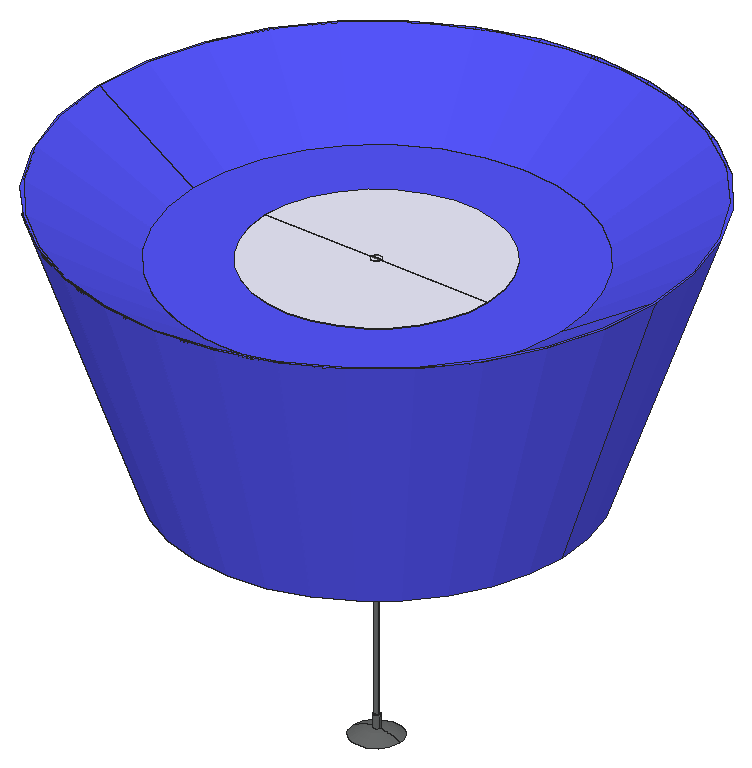
Revit family "L-T-P", category Lighting Fixtures, host Face, Revit 2014
Parameters (values of type "L-T-P-BL")
  Watts = 8 W
  Wattage Comments = "8W"
  Wattage = 9.2903 W
  Warranty = "5 years Warranty"  # constant formula
  built-in parameter 1150110 = 1 (stored number, unit not read)
  Voltage = 120 V
  URL = "https://www.hubbell.com/securitylighting/en"
  built-in parameter 1114217 = 1 (stored number, unit not read)
  Tilt Angle = 60.00°
  built-in parameter 1150109 = 1 (stored number, unit not read)
  built-in parameter 1150134 = 3
  built-in parameter 1150113 = 1 (stored number, unit not read)
  Reflector Finish = Hubbell - White Glass
  Product Link = "https://www.hubbell.com/securitylighting/en/Products/Lighting-Controls/Commercial-Indoor-Lighting/Pendant-Lighting/Tapered-Pendant/p/3028275"
  Product Documentation Link = "https://hubbellcdn.com/specsheet/sl_0038_tapered_spec.pdf"
  Power Factor = 1
  Photometric Web File = "generic"
  Pendent Height [instance] = 12"
  built-in parameter 1150142 = (empty or 0)
  Model = "L-T-P"  # constant formula
  Manufacturer = "Security Lighting"  # constant formula
  built-in parameter 1150105 = 109.82 (stored number, unit not read)
  Lumens = 1380 lm
  built-in parameter 1150115 = 1 (stored number, unit not read)
  Load Classification = Lighting
  built-in parameter 1150137 = (empty or 0)
  built-in parameter 1150139 = (empty or 0)
  built-in parameter 1150112 = 1 (stored number, unit not read)
  built-in parameter 1150114 = 1 (stored number, unit not read)
  Lamp = "LED"  # constant formula
  LF = T : P
  built-in parameter 1150132 = (empty or 0)
  built-in parameter 1150102 = (empty or 0)
  built-in parameter 1150107 = 3200 (stored number, unit not read)
  built-in parameter 1150138 = (empty or 0)
  built-in parameter 1150106 = 1.0982 (stored number, unit not read)
  Housing Material = Hubbell - Blue
  Fixture distribution = "Direct"  # constant formula
  Features = "Made with durable, easy to clean fabric\r\nEasy to install\r\nCustom shapes, sizes, and colors available"  # constant formula
  Emit from Circle Diameter = 28"  # constant formula
  Emit Shape Visible in Rendering = no
  built-in parameter 1150104 = 13.8 (stored number, unit not read)
  Drum-Height = 24"
  Dimming Lamp Color Temperature Shift = <None>
  Description = "These shades are uniquely engineered to suit all high traffic areas in demanding restaurant environments and include a durable fabric look material which can be cleaned. With white interior color, shades are translucent and provide the added benefit of glowing effect."  # constant formula
  Default Elevation = 48"
  Copyright = " ©2020 Security Lighting, a division of Hubbell Lighting, Inc"  # constant formula
  Contact = "https://www.hubbell.com/securitylighting/en/contactUs"
  Connector Description = "Lighting Connector"  # constant formula
  Color Filter = 16777215
  built-in parameter 1114218 = 1 (stored number, unit not read)
  built-in parameter 1150133 = 10 (stored number, unit not read)
  Assembly Code = "D5020200"
  Apparent Load = Watts / Power Factor  # 8 VA
Types (9): name | Housing Material
  (no name) | Hubbell - Blue
  L-T-P-OO | Paint - Hubbell - Matte White
  L-T-P-YO | Hubbell - Yellow
  L-T-P-CG | Paint - Hubbell - Gray Smooth
  L-T-P-WB | Hubbell - Warm Brown
  L-T-P-RD | Hubbell - Red
  L-T-P-GN | Paint - Hubbell - Green Textured
  L-T-P-OR | Hubbell - Orange
  L-T-P-BL | Hubbell - Blue
Reference planes (in)
  plane 1 "Center (Front/Back)": y = 0
  plane 2: z = 0
  plane 3 "Center (Left/Right)": x = 0
  plane 4: z = 12
  plane 5: z = 15.5
Dimensions and locks (in)
  "Pendent Height": plane 4 to plane 2
  locked: plane 5 to plane 4 at 3.5
  aligned and locked: plane 2 to host face
  aligned and locked: level to host face
  aligned and locked: plane 1 "Center (Front/Back)" to nested 1
  aligned and locked: plane 3 "Center (Left/Right)" to nested 1
  aligned and locked: imposter light to plane 1 "Center (Front/Back)"
Automatic sketch dimensions
  host sketch curve to host sketch curve = 96"  (x2)
Nested families (in)
  nested 1: "T" at (0, 0, 0), Pendent Height <- "Pendent Height", type "P"
    with Pendent Height 12"
Connectors (in)
  electrical at (-0.00321, 0, 10.57698), driven by "Load Classification", driven by "Voltage", driven by "Apparent Load", driven by "Power Factor", driven by "Connector Description"
    settings: on nested 1, index 1, voltage 120 V, apparent load 8 VA, apparent load phase1 0 VA, apparent load phase2 0 VA, apparent load phase3 0 VA, power factor 1, load classification "Lighting", number of poles 1, system type 30, power factor state 1, is connector primary yes, connector utility no, sub classification motor no, connector description "Lighting Connector"
Definition of nested family "T"
  Parameters (values of type "P")
    Width = 22"
    Wattage Comments = ""
    URL = ""
    Rod Material = Paint - Hubbell - Basic Black Textured
    Reflector Finish = Hubbell - White Glass
    Pendent Height [instance] = 12"
    Pendant Material = Hubbell - Yellow
    Outter Length = 30"
    Model = ""
    Manufacturer = ""
    Load Classification = Lighting
    Length = 3.9"
    Lamp = ""
    LED = Hubbell - Glass
    L2 = L1 - 0.1"  # 1.85"
    L1 = Length / 2  # 1.95"
    Height = 14"
    Description = ""
    Default Elevation = 48"
    Apparent Load = 0 VA  # constant formula
  Reference planes (in)
    plane 1 "Center (Front/Back)": y = 0
    plane 2: z = 0
    plane 3 "Center (Left/Right)": x = 0
    plane 4: y = -11
    plane 5: y = 11
    plane 6: z = 12
    plane 7: x = -1.95
    plane 8: x = 1.95
    plane 9: z = 26
    plane 10: x = 15
    plane 11: x = -15
  Forms (in)
    Extrusion 1, solid
      sketch origin (0, 0, 0) x (1, 0, 0) y (0, 1, 0)
        loop
          line (-48, 48) -> (-48, -48) -> (48, -48) -> (48, 48) -> (-48, 48)
      from 0 to -1.25
    Blend 2, solid, material "Hubbell - Yellow" <- "Pendant Material"
      base sketch origin (0, 0, 0) x (1, 0, 0) y (0, 1, 0)
        loop
          circle (0, 0) r 15
      top sketch origin (0, 0, 0) x (1, 0, 0) y (0, 1, 0)
        loop
          circle (0, 0) r 10
      from 26 to 12
    Revolve 3, solid, material "Paint - Hubbell - Basic Black Textured" <- "Rod Material"
      sketch origin (-29.50625, 0, 0) x (-1, 0, 0) y (0, 0, -1)
        loop
          line (-29.5, -12) -> (-29.4, -12) -> (-29.4, -1.04704) -> (-29.4, -0.96114) -> (-29.3207, -0.96114) -> (-29.3207, -0.36334)
          arc (-29.3207, -0.36334) -> (-28.77123, -0.2452) -> (-28.2655, 0) r 2.3506
          line (-28.2655, 0) -> (-29.5, 0) -> (-29.5, -12)
        axis (-29.5, -12) -> (-29.5, 0)
      angle from 0 to 360
    Blend 4, void
      base sketch origin (0, 0, 0) x (1, 0, 0) y (0, 1, 0)
        loop
          circle (0, 0) r 14.9
      top sketch origin (0, 0, 0) x (1, 0, 0) y (0, 1, 0)
        loop
          circle (0, 0) r 9.9
      from 26 to 22.85661
    Revolve 5, solid, material "Hubbell - White Glass" <- "Reflector Finish"
      sketch origin (0, 0, 0) x (1, 0, 0) y (0, 0, 1)
        loop
          line (0, 22.85661) -> (6, 22.85661) -> (6, 22.90413) -> (0, 22.90413) -> (0, 22.85661)
        axis (0, 22.90413) -> (0, 22.85661)
      angle from 0 to 360
    Revolve 6, solid, material "Hubbell - Glass" <- "LED"
      sketch origin (0, 0, 0) x (1, 0, 0) y (0, 0, 1)
        loop
          line (0, 22.90413) -> (0.2651, 22.90413) -> (0.2651, 22.93683) -> (0, 22.93683) -> (0, 22.90413)
        axis (0, 22.93683) -> (0, 22.89746)
      angle from 0 to 360
  Cuts and joins
    Blend 4 cuts Blend 2
    Blend 4 cuts Revolve 3
  Dimensions and locks (in)
    equal spacing: plane 4, plane 1 "Center (Front/Back)", plane 5
    "Width": plane 5 to plane 4
    "Pendent Height": plane 6 to plane 2
    equal spacing: plane 8, plane 3 "Center (Left/Right)", plane 7
    "Length": plane 8 to plane 7
    "Height": plane 9 to plane 6
    "Outter Length": plane 10 to plane 11
    equal spacing: plane 10, plane 3 "Center (Left/Right)", plane 11
    equal spacing: plane 11, plane 3 "Center (Left/Right)", plane 10
    plane 11 to plane 10 = 30"
    plane 6 to plane 2 = 12"
    aligned and locked: plane 2 to Extrusion 1
    aligned and locked: level to Extrusion 1
    aligned and locked: plane 9 to Blend 2
  Automatic sketch dimensions
    Extrusion 1 sketch curve to Extrusion 1 sketch curve = 96"  (x2)
    Revolve 3 sketch curve to plane 6 = 0"
    Revolve 3 sketch curve to level = 0"
    Revolve 3 sketch curve to level = 1.97734"
    plane 7 to Revolve 3 sketch curve = 1.98026"
    plane 7 to Revolve 3 sketch curve = 1.94375"  (x2)
    Revolve 3 sketch curve to Revolve 3 sketch curve = 0.1"
    Revolve 3 sketch curve to Revolve 3 sketch curve = 0.0793"
    Revolve 3 sketch curve to Revolve 3 sketch curve = 1.05521"
    Revolve 3 sketch curve to Revolve 3 sketch curve = 0.68371"
    Revolve 3 sketch curve to Revolve 3 sketch curve = 0.0859"
    plane 9 to Revolve 3 sketch curve = 85.53497"
    Revolve 3 sketch curve to Revolve 3 sketch curve = 7.19022"
    plane 1 "Center (Front/Back)" to Blend 4 sketch curve = 0"  (x2)
    Blend 4 sketch curve to plane 3 "Center (Left/Right)" = 0"  (x2)
    plane 1 "Center (Front/Back)" to Blend 2 sketch curve = 0"  (x2)
    Blend 2 sketch curve to plane 3 "Center (Left/Right)" = 0"  (x2)
    Revolve 5 sketch curve to plane 3 "Center (Left/Right)" = 0"  (x2)
    plane 8 to Revolve 5 sketch curve = 4.05"
    Revolve 5 sketch curve to plane 9 = 3.14339"
    Revolve 5 sketch curve to Revolve 5 sketch curve = 0.04752"
    Revolve 5 sketch curve to level = 24"
    plane 9 to Revolve 5 sketch curve = 7.14417"
    Revolve 6 sketch curve to plane 3 "Center (Left/Right)" = 0"  (x2)
    Revolve 6 sketch curve to Revolve 6 sketch curve = 0.2651"
    Revolve 6 sketch curve to plane 9 = 3.09587"
    Revolve 6 sketch curve to Revolve 6 sketch curve = 0.0327"
    Revolve 6 sketch curve to level = 24"
    plane 9 to Revolve 6 sketch curve = 7.14417"
    radius of Blend 4 sketch curve = 9.9"
    radius of Blend 4 sketch curve = 14.9"
    radius of Blend 2 sketch curve = 15"
    radius of Blend 2 sketch curve = 10"
